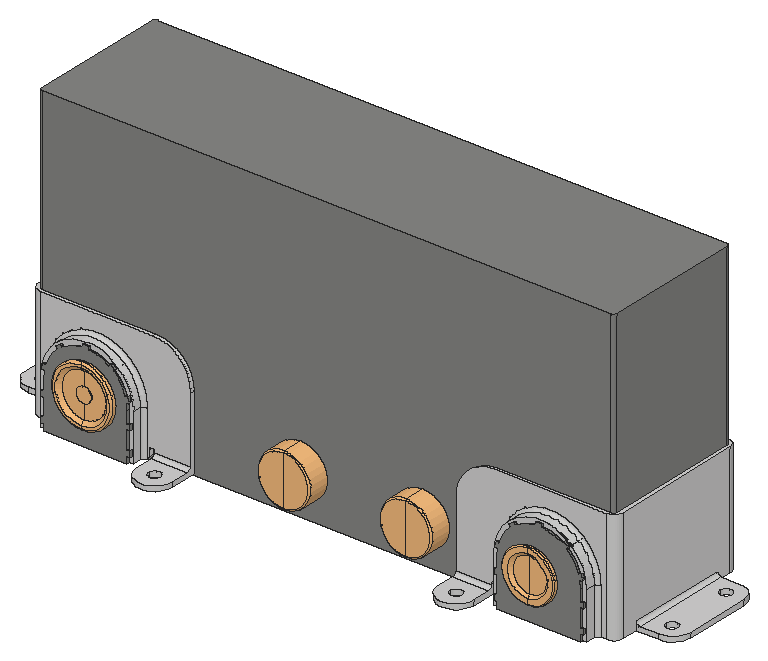
Revit family "Valve-Three_Outlet_Thermostatic-KOHLER-26341W_1", category Plumbing Fixtures, host Face, Revit 2017
Family settings
  Host = Face
  Round Connector Dimension = Use Diameter
  Part Type = Normal
  OmniClass Number = 23.27.31.00
  OmniClass Title = Valves
  Cut with Voids When Loaded = No
  Shared = No
  Room Calculation Point = No
Parameters (values of type "NA-Not Applicable")
  Width = 13 245/256"  # constant formula
  WaterSense Certified = 1 = 0  # no
  Waste Connection = 1 = 0  # no
  Vent Connection = 1 = 0  # no
  Tempered Water Outlet Connector Up 3 [instance] = yes
  Tempered Water Outlet Connector Up 2 [instance] = yes
  Tempered Water Outlet Connector Up1 [instance] = yes
  Tempered Water Outlet 3 = "Tempered Water Outlet 3"  # constant formula
  Tempered Water Outlet 2 = "Tempered Water Outlet 2"  # constant formula
  Tempered Water Outlet 1 = "Tempered Water Outlet 1"  # constant formula
  URL = "https://www.kohler.co.uk/"
  Type = 1
  Product Page URL = ""
  Product Name = ""
  Product Documentation Link = ""
  Pressure = 0.00 psi
  Model = "26341W-NA"  # constant formula
  Material = "Plastic"  # constant formula
  Master Format 2014 Name = "Control Valves"  # constant formula
  Master Format 2014 = "23 09 13.33"  # constant formula
  Manufacturer Address = "Cromwell Road, Cheltenham, Gloucestershire. GL52 5EP Registered in England No. 252115\r\n"  # constant formula
  Manufacturer = "KOHLER Co."  # constant formula
  Length = 6 13/128"  # constant formula
  Hot Water Inlet = "Hot Water Inlet"  # constant formula
  Height = 4 113/128"  # constant formula
  HW Connection = 1 = 1  # yes
  Flow Rate = 1.75 GPM  # constant formula
  Finish = Kohler-Plastic-58-Thunder_Grey
  Environmental Product Declaration = ""
  Description = "Recessed thermostatic valve-3-outlet"  # constant formula
  Default Elevation = 42"
  Declare Label = ""
  Date Modified = "02/10/2021"  # constant formula
  Date Created = "02/10/2021"  # constant formula
  Copyright = "Copyright KOHLER Co."  # constant formula
  Contact Us = "https://www.kohler.co.uk/support/contact/"
  Cold Water Inlet = "Cold Water Inlet"  # constant formula
  CW Connection = 1 = 1  # yes
  Tempered Water Outlet Connector Down 3 [instance] = not(Tempered Water Outlet Connector Up 3)  # no
  Tempered Water Outlet Connector Down 2 [instance] = not(Tempered Water Outlet Connector Up 2)  # no
  Tempered Water Outlet Connector Down 1 [instance] = not(Tempered Water Outlet Connector Up1)  # no
  Assembly Code = "D2020"
  ADA Compliant = 1 = 0  # no
Reference planes (in)
  plane 1 "Center (Front/Back)": y = 0
  plane 2: z = 0
  plane 3 "Center (Left/Right)": x = 0
  plane 4: y = 2.44094
  plane 5: y = -2.44188
  plane 6: y = 1.98819
  plane 7: y = -1.98819
  plane 8: z = 0
  plane 9: z = -5.21654
  plane 10: z = -5.11811
  plane 11: x = -6.97835
  plane 12: x = 6.97868
  plane 13: x = 4.57677
  plane 14: x = 2.01772
  plane 15: x = -4.76867
  plane 16: y = -1.51575
  plane 17: y = 1.51575
  plane 18: x = -0.54134
  plane 19: z = -6.10156
  plane 20: x = -3.15945
  plane 21: x = 3.15944
  plane 22: y = 0.70866
  plane 23: y = -0.70866
  plane 24: x = -6.60433
  plane 25: x = 6.60433
  plane 26: x = -6.13189
  plane 27: x = 6.13189
  plane 28: y = 1.59449
  plane 29: y = -1.59449
Forms (in)
  Extrusion 1, void
    sketch origin (0, 0, 0) x (1, 0, 0) y (0, 1, 0)
      loop
        line (-6.13189, 1.59449) -> (-6.13189, -1.59449) -> (6.13189, -1.59449) -> (6.13189, 1.59449) -> (-6.13189, 1.59449)
    from -6.10236 to 3.05757
  Extrusion 2, void
    sketch origin (0, 0, 0) x (1, 0, 0) y (0, 0, 1)
      loop
        line (-6.97835, -6.25784) -> (6.97835, -6.25784) -> (6.97835, -3.72047) -> (-6.97835, -3.72047) -> (-6.97835, -6.25784)
    from -2.44094 to 2.44094
Dimensions and locks (in)
  locked: plane 17 to plane 16 at 3.0315
  locked: plane 6 to plane 7 at 3.97638
  "Length": level to plane 19
  locked: plane 10 to plane 19 at 0.98345
  locked: plane 9 to plane 19 at 0.88503
  "Width": plane 11 to plane 12
  locked: plane 20 to plane 21 at 6.31889
  locked: plane 22 to plane 23 at 1.41732
  "Height": plane 4 to plane 5
  plane 20 to plane 21 = 6.31889"
  plane 22 to plane 23 = 1.41732"
  aligned and locked: plane 2 to host face
  aligned and locked: level to host face
  aligned and locked: plane 1 "Center (Front/Back)" to nested 1
  aligned and locked: plane 3 "Center (Left/Right)" to nested 1
  aligned and locked: plane 8 to nested 1
  aligned and locked: plane 19 to nested 1
Automatic sketch dimensions
  host sketch curve to host sketch curve = 96"  (x2)
  plane 16 to Extrusion 1 sketch curve = 0.07874"
  Extrusion 1 sketch curve to plane 11 = 0.84646"
  Extrusion 1 sketch curve to plane 12 = 0.8468"
  plane 17 to Extrusion 1 sketch curve = 0.07874"
  plane 11 to Extrusion 2 sketch curve = 0"
  Extrusion 2 sketch curve to plane 12 = 0.00034"
  Extrusion 2 sketch curve to plane 19 = 0.15628"
  plane 19 to Extrusion 2 sketch curve = 2.38109"
Nested families (in)
  nested 1: "26341W" at (0, 0, -6.10236), type "26341W"
Connectors (in)
  piping at (-4.76867, -1.90938, -5.11811), diameter 0.75, driven by "Flow Rate", driven by "HW Connection", driven by "Hot Water Inlet"
    settings: on nested 1, index 1, connector inside diameter 24", connector length 0", flow factor 0, pipe flow 1.75 GPM, pressure drop 0.00 psi, fitting loss kfactor 0, connector angle 0.00°, fixture units 0, engagement length 0", angle of deflection 0.00°, flow configuration 1, flow direction 1, fitting loss method 0, system type 19, joint type 0, gender type 0, connector reference index -1, connector utility 1, adjustable connector no, is connector primary yes, connector description "Hot Water Inlet"
  piping at (-4.76867, 1.90938, -5.11811), diameter 0.75, driven by "Flow Rate", driven by "CW Connection", driven by "Cold Water Inlet"
    settings: on nested 1, index 2, connector inside diameter 24", connector length 0", flow factor 0, pipe flow 1.75 GPM, pressure drop 0.00 psi, fitting loss kfactor 0, connector angle 0.00°, fixture units 0, engagement length 0", angle of deflection 0.00°, flow configuration 1, flow direction 1, fitting loss method 0, system type 20, joint type 0, gender type 0, connector reference index -1, connector utility 1, adjustable connector no, is connector primary no, connector description "Cold Water Inlet"
  piping at (-0.54134, 1.9685, -5.21654), diameter 0.5, driven by "Flow Rate", driven by "HW Connection", driven by "Tempered Water Outlet 1"
    settings: on nested 1, index 3, connector inside diameter 24", connector length 0", flow factor 0, pipe flow 1.75 GPM, pressure drop 0.00 psi, fitting loss kfactor 0, connector angle 0.00°, fixture units 0, engagement length 0", angle of deflection 0.00°, flow configuration 1, flow direction 2, fitting loss method 0, system type 19, joint type 0, gender type 0, connector reference index -1, connector utility 1, adjustable connector no, is connector primary no, connector description "Tempered Water Outlet 1"
  piping at (2.01772, 1.9685, -5.21654), diameter 0.5, driven by "Flow Rate", driven by "HW Connection", driven by "Tempered Water Outlet 2"
    settings: on nested 1, index 4, connector inside diameter 24", connector length 0", flow factor 0, pipe flow 1.75 GPM, pressure drop 0.00 psi, fitting loss kfactor 0, connector angle 0.00°, fixture units 0, engagement length 0", angle of deflection 0.00°, flow configuration 1, flow direction 2, fitting loss method 0, system type 19, joint type 0, gender type 0, connector reference index -1, connector utility 1, adjustable connector no, is connector primary no, connector description "Tempered Water Outlet 2"
  piping at (4.57677, 1.90938, -5.21654), diameter 0.5, driven by "Flow Rate", driven by "HW Connection", driven by "Tempered Water Outlet 3"
    settings: on nested 1, index 5, connector inside diameter 24", connector length 0", flow factor 0, pipe flow 1.75 GPM, pressure drop 0.00 psi, fitting loss kfactor 0, connector angle 0.00°, fixture units 0, engagement length 0", angle of deflection 0.00°, flow configuration 1, flow direction 2, fitting loss method 0, system type 19, joint type 0, gender type 0, connector reference index -1, connector utility 1, adjustable connector no, is connector primary no, connector description "Tempered Water Outlet 3"
Definition of nested family "26341W"
  Parameters (values of type "K-26341")
    Top Connector 3 = no
    Top Connector 2 = no
    Top Connector 1 = no
    Material = none
    Connector1 Angel = if(Top Connector 1, 0.00°, 180.00°)  # 180.00°
    Connector 3 Dist. = if(Top Connector 3, 0", 3.0315")  # 3.0315"
    Connector 3 Angle = if(Top Connector 3, 0.00°, 180.00°)  # 180.00°
    Connector 2 Dist. = if(Top Connector 2, 3.0315", 0")  # 0"
    Connector 2 Angel = if(Top Connector 2, 0.00°, 180.00°)  # 180.00°
    Connector 1 Dist. = if(Top Connector 1, 0", 3.0315")  # 3.0315"
    Bottom Connetor 3 = not(Top Connector 3)  # yes
    Bottom Connector 2 = not(Top Connector 2)  # yes
    Bottom Connector 1 = not(Top Connector 1)  # yes
  Reference planes (in)
    plane 1 "Center (Front/Back)": y = 0
    plane 2: z = 0
    plane 3 "Center (Left/Right)": x = 0
    plane 4: x = -6.97835
    plane 5: y = 2.44094
    plane 6: y = -2.44094
    plane 7: z = 6.10236
    plane 8 "2": x = 4.57677
    plane 9 "1": x = -4.76867
    plane 10: z = 0.98425
    plane 11 "A": z = 0.88583
    plane 12: y = 1.98819
    plane 13: y = -1.98819
    plane 14: x = -3.15945
    plane 15: y = 1.51575
    plane 16: y = -1.51575
    plane 17: x = 3.15944
    plane 18 "3": x = 2.01772
    plane 19: x = 6.97835
    plane 20: x = -0.54134
    plane 21 "c1": y = -1.51575
    plane 22 "C2": y = -1.51575
    plane 23 "c3": y = -1.51575
    plane 24: z = 0
    plane 25: y = 0.70866
    plane 26: y = -0.70866
    plane 27: x = -6.60433
    plane 28: x = 6.60433
    plane 29: y = 1.59449
    plane 30: y = -1.59449
    plane 31: x = -6.13189
    plane 32: x = 6.13189
  Forms (in)
    Extrusion 1, solid, material <- "Material", detail levels medium+fine
      sketch origin (0, 0, 0) x (1, 0, 0) y (0, 1, 0)
        loop
          line (5.95472, 1.51575) -> (-5.95472, 1.51575)
          arc (-5.95472, 1.51575) -> (-6.0104, 1.49269) -> (-6.03346, 1.43701) r 0.07874
          line (-6.03346, 1.43701) -> (-6.03346, -1.43701)
          arc (-6.03346, -1.43701) -> (-6.0104, -1.49269) -> (-5.95472, -1.51575) r 0.07874
          line (-5.95472, -1.51575) -> (5.95472, -1.51575)
          arc (5.95472, -1.51575) -> (6.0104, -1.49269) -> (6.03346, -1.43701) r 0.07874
          line (6.03346, -1.43701) -> (6.03346, 1.43701)
          arc (6.03346, 1.43701) -> (6.0104, 1.49269) -> (5.95472, 1.51575) r 0.07874
      from 0 to 6.10236
    Extrusion 2, solid, detail levels medium+fine
      sketch origin (0, 0, 0) x (1, 0, 0) y (0, 0, 1)
        loop
          line (-3.57283, 2.38189) -> (-6.13189, 2.38189) -> (-6.13189, 0.01969) -> (-3.70276, 0.01969)
          arc (-3.70276, 0.01969) -> (-3.66657, 0.03468) -> (-3.65157, 0.07087) r 0.05118
          line (-3.65157, 0.07087) -> (-3.65157, 0.2165)
          arc (-3.65157, 0.2165) -> (-3.59252, 0.27556) -> (-3.53346, 0.2165) r 0.05906
          line (-3.53346, 0.2165) -> (-3.53346, 0.01969) -> (-2.78543, 0.01969) -> (-2.78543, 1.59449)
          arc (-2.78543, 1.59449) -> (-3.01606, 2.15127) -> (-3.57283, 2.38189) r 0.7874
        loop
          arc (3.57283, 2.38189) -> (3.01606, 2.15127) -> (2.78543, 1.59449) r 0.7874
          line (2.78543, 1.59449) -> (2.78543, 0.01969) -> (3.53346, 0.01969) -> (3.53346, 0.2165)
          arc (3.53346, 0.2165) -> (3.59252, 0.27556) -> (3.65157, 0.2165) r 0.05906
          line (3.65157, 0.2165) -> (3.65157, 0.07087)
          arc (3.65157, 0.07087) -> (3.66657, 0.03468) -> (3.70276, 0.01969) r 0.05118
          line (3.70276, 0.01969) -> (6.13189, 0.01969) -> (6.13189, 2.38189) -> (3.57283, 2.38189)
      from -1.59449 to 1.59449
    Sweep 3, void
      path in 3D
        loop
          line (-6.13189, -1.59449, 2.38189) -> (-6.13189, -1.59449, 0.01969)
      profile origin (-6.13189, -1.59449, 1.20079) x (-1, 0, 0) y (0, -1, 0)
        loop
          line (0, -0.19685) -> (0, 0) -> (-0.19685, 0)
          arc (-0.19685, 0) -> (-0.05766, -0.05766) -> (0, -0.19685) r 0.19685
    Sweep 4, void
      path in 3D
        loop
          line (-6.13189, 1.59449, 2.38189) -> (-6.13189, 1.59449, 0.01969)
      profile origin (-6.13189, 1.59449, 1.20079) x (-1, 0, 0) y (0, -1, 0)
        loop
          arc (0, 0.19685) -> (-0.05766, 0.05766) -> (-0.19685, 0) r 0.19685
          line (-0.19685, 0) -> (0, 0) -> (0, 0.19685)
    Sweep 5, void
      path in 3D
        loop
          line (6.13189, -1.59449, 2.38189) -> (6.13189, -1.59449, 0.01969)
      profile origin (6.13189, -1.59449, 1.20079) x (1, 0, 0) y (0, 1, 0)
        loop
          arc (0, 0.19685) -> (-0.05766, 0.05766) -> (-0.19685, 0) r 0.19685
          line (-0.19685, 0) -> (0, 0) -> (0, 0.19685)
    Sweep 6, void
      path in 3D
        loop
          line (6.13189, 1.59449, 2.38189) -> (6.13189, 1.59449, 0.01969)
      profile origin (6.13189, 1.59449, 1.20079) x (1, 0, 0) y (0, 1, 0)
        loop
          line (0, -0.19685) -> (0, 0) -> (-0.19685, 0)
          arc (-0.19685, 0) -> (-0.05766, -0.05766) -> (0, -0.19685) r 0.19685
    Extrusion 7, solid, detail levels medium+fine
      sketch origin (0, 0, 0) x (1, 0, 0) y (0, 1, 0)
        loop
          line (-6.13189, 1.06299) -> (-6.60433, 1.06299)
          arc (-6.60433, 1.06299) -> (-6.8688, 0.95345) -> (-6.97835, 0.68898) r 0.37402
          line (-6.97835, 0.68898) -> (-6.97835, -0.68898)
          arc (-6.97835, -0.68898) -> (-6.8688, -0.95345) -> (-6.60433, -1.06299) r 0.37402
          line (-6.60433, -1.06299) -> (-6.13189, -1.06299) -> (-6.13189, 1.06299)
        loop
          line (6.13189, 1.06299) -> (6.13189, -1.06299) -> (6.60433, -1.06299)
          arc (6.60433, -1.06299) -> (6.8688, -0.95345) -> (6.97835, -0.68898) r 0.37402
          line (6.97835, -0.68898) -> (6.97835, 0.68898)
          arc (6.97835, 0.68898) -> (6.8688, 0.95345) -> (6.60433, 1.06299) r 0.37402
          line (6.60433, 1.06299) -> (6.13189, 1.06299)
        loop
          circle (-6.60433, 0.70866) r 0.12598
        loop
          circle (-6.60433, -0.70866) r 0.12598
        loop
          circle (6.60433, 0.70866) r 0.12598
        loop
          circle (6.60433, -0.70866) r 0.12598
        loop
          arc (-3.53346, -2.06693) -> (-3.15945, -2.44094) -> (-2.78544, -2.06693) r 0.37401
          line (-2.78544, -2.06693) -> (-2.78544, -1.59449) -> (-3.53346, -1.59449) -> (-3.53346, -2.06693)
        loop
          line (3.53346, -2.06693) -> (3.53346, -1.59449) -> (2.78544, -1.59449) -> (2.78544, -2.06693)
          arc (2.78544, -2.06693) -> (3.15945, -2.44094) -> (3.53346, -2.06693) r 0.37401
        loop
          line (-3.53346, 2.06693) -> (-3.53346, 1.59449) -> (-2.78544, 1.59449) -> (-2.78544, 2.06693)
          arc (-2.78544, 2.06693) -> (-3.15945, 2.44094) -> (-3.53346, 2.06693) r 0.37401
        loop
          arc (3.53346, 2.06693) -> (3.15945, 2.44094) -> (2.78544, 2.06693) r 0.37401
          line (2.78544, 2.06693) -> (2.78544, 1.59449) -> (3.53346, 1.59449) -> (3.53346, 2.06693)
        loop
          circle (-3.15945, -2.06693) r 0.12598
        loop
          circle (3.15945, -2.06693) r 0.12598
        loop
          circle (-3.15945, 2.06693) r 0.12598
        loop
          circle (3.15945, 2.06693) r 0.12598
      from 0.01969 to 0.11811
    Extrusion 8, solid, detail levels medium+fine
      sketch origin (1.27953, 0, 0) x (1, 0, 0) y (0, 0, 1)
        loop
          line (-5.05906, 0.01969) -> (-5.05906, 0.98689)
          arc (-5.05906, 0.98689) -> (-6.03346, 1.9613) -> (-7.00787, 0.98689) r 0.97441
          line (-7.00787, 0.98689) -> (-7.00787, 0.01969) -> (-5.05906, 0.01969)
        loop
          line (2.5, 0.99085) -> (2.5, 0.01969) -> (4.44882, 0.01969) -> (4.44882, 0.99085)
          arc (4.44882, 0.99085) -> (3.47441, 1.96526) -> (2.5, 0.99085) r 0.97441
      from -1.85039 to 1.85039
    Extrusion 9, solid, material <- "Material", detail levels medium+fine
      sketch origin (-1.27953, 0, 0) x (1, 0, 0) y (0, 0, 1)
        loop
          line (-4.35039, 0.62992) -> (-4.35039, 0.25591) -> (-4.40945, 0.25591) -> (-4.40945, 0.1378) -> (-4.35039, 0.1378) -> (-4.35039, 0) -> (-2.59843, 0) -> (-2.59843, 0.1378) -> (-2.53937, 0.1378) -> (-2.53937, 0.25591) -> (-2.59843, 0.25591) -> (-2.59843, 0.62992) -> (-2.53937, 0.62992) -> (-2.53937, 0.74803) -> (-2.59843, 0.74803) -> (-2.59843, 0.98425)
          arc (-2.59843, 0.98425) -> (-2.60185, 1.06162) -> (-2.61209, 1.13839) r 0.87598
          line (-2.61209, 1.13839) -> (-2.55467, 1.15271) -> (-2.58324, 1.26731) -> (-2.64067, 1.25299)
          arc (-2.64067, 1.25299) -> (-2.73975, 1.46135) -> (-2.88979, 1.63661) r 0.87598
          line (-2.88979, 1.63661) -> (-2.85335, 1.68324) -> (-2.94643, 1.75596) -> (-2.98286, 1.70932)
          arc (-2.98286, 1.70932) -> (-3.18922, 1.81251) -> (-3.41535, 1.85824) r 0.87598
          line (-3.41535, 1.85824) -> (-3.41535, 1.91742) -> (-3.53346, 1.91742) -> (-3.53346, 1.85824)
          arc (-3.53346, 1.85824) -> (-3.7596, 1.81251) -> (-3.96596, 1.70932) r 0.87598
          line (-3.96596, 1.70932) -> (-4.00239, 1.75596) -> (-4.09546, 1.68324) -> (-4.05903, 1.63661)
          arc (-4.05903, 1.63661) -> (-4.20907, 1.46135) -> (-4.30815, 1.25299) r 0.87598
          line (-4.30815, 1.25299) -> (-4.36558, 1.26731) -> (-4.39415, 1.15271) -> (-4.33673, 1.13839)
          arc (-4.33673, 1.13839) -> (-4.34697, 1.06162) -> (-4.35039, 0.98425) r 0.87598
          line (-4.35039, 0.98425) -> (-4.35039, 0.74803) -> (-4.40945, 0.74803) -> (-4.40945, 0.62992) -> (-4.35039, 0.62992)
        loop
          line (5.15748, 0.62992) -> (5.15748, 0.25591) -> (5.09843, 0.25591) -> (5.09843, 0.1378) -> (5.15748, 0.1378) -> (5.15748, 0) -> (6.90945, 0) -> (6.90945, 0.1378) -> (6.9685, 0.1378) -> (6.9685, 0.25591) -> (6.90945, 0.25591) -> (6.90945, 0.62992) -> (6.9685, 0.62992) -> (6.9685, 0.74803) -> (6.90945, 0.74803) -> (6.90945, 0.98425)
          arc (6.90945, 0.98425) -> (6.90603, 1.06162) -> (6.89578, 1.13839) r 0.87598
          line (6.89578, 1.13839) -> (6.9532, 1.15271) -> (6.92463, 1.26731) -> (6.86721, 1.25299)
          arc (6.86721, 1.25299) -> (6.76813, 1.46135) -> (6.61808, 1.63661) r 0.87598
          line (6.61808, 1.63661) -> (6.65452, 1.68324) -> (6.56145, 1.75596) -> (6.52501, 1.70932)
          arc (6.52501, 1.70932) -> (6.31866, 1.81251) -> (6.09252, 1.85824) r 0.87598
          line (6.09252, 1.85824) -> (6.09252, 1.91742) -> (5.97441, 1.91742) -> (5.97441, 1.85824)
          arc (5.97441, 1.85824) -> (5.74827, 1.81251) -> (5.54192, 1.70932) r 0.87598
          line (5.54192, 1.70932) -> (5.50548, 1.75596) -> (5.41241, 1.68324) -> (5.44885, 1.63661)
          arc (5.44885, 1.63661) -> (5.2988, 1.46135) -> (5.19972, 1.25299) r 0.87598
          line (5.19972, 1.25299) -> (5.1423, 1.26731) -> (5.11372, 1.15271) -> (5.17115, 1.13839)
          arc (5.17115, 1.13839) -> (5.1609, 1.06162) -> (5.15748, 0.98425) r 0.87598
          line (5.15748, 0.98425) -> (5.15748, 0.74803) -> (5.09843, 0.74803) -> (5.09843, 0.62992) -> (5.15748, 0.62992)
        loop
          circle (-3.48914, 0.98425) r 0.54335
        loop
          circle (5.8563, 0.88583) r 0.41841
      from -1.92913 to 1.88976
    Revolve 10, solid, detail levels medium+fine
      sketch origin (-4.76867, 0, 0) x (0, 0, 1) y (0, -1, 0)
        loop
          line (1.5276, -1.98819) -> (1.58464, -1.98819) -> (1.62406, -1.94877) -> (1.62406, -1.51575) -> (0.98425, -1.51575) -> (0.98425, -1.90938) -> (1.44879, -1.90938) -> (1.5276, -1.98819)
        loop
          line (1.5276, 1.98819) -> (1.44879, 1.90938) -> (0.98425, 1.90938) -> (0.98425, 1.51575) -> (1.62406, 1.51575) -> (1.62406, 1.94877) -> (1.58464, 1.98819) -> (1.5276, 1.98819)
        axis (0.98425, -1.98819) -> (0.98425, 1.98819)
      angle from 0 to 360
    Revolve 11, solid, detail levels medium+fine
      sketch origin (4.57677, 0, 0) x (0, 0, -1) y (0, -1, 0)
        loop
          line (-1.43701, 1.94331) -> (-1.43701, 1.61417) -> (-0.88583, 1.61417) -> (-0.88583, 1.90938) -> (-1.24512, 1.90938) -> (-1.30424, 1.9685) -> (-1.41732, 1.9685) -> (-1.43701, 1.94331)
        loop
          line (-1.43701, -1.94331) -> (-1.41732, -1.9685) -> (-1.30424, -1.9685) -> (-1.24512, -1.90938) -> (-0.88583, -1.90938) -> (-0.88583, -1.61417) -> (-1.43701, -1.61417) -> (-1.43701, -1.94331)
        axis (-0.88583, 1.9685) -> (-0.88583, -1.9685)
      angle from 0 to 360
    Sweep 12, solid, detail levels medium+fine
      path in 3D
        loop
          line (3.77953, 1.59449, 0.01969) -> (3.77953, 1.59449, 0.99085)
          arc (3.77953, 1.59449, 0.99085) -> (4.75394, 1.59449, 1.96526) -> (5.72835, 1.59449, 0.99085) r 0.97441
          line (5.72835, 1.59449, 0.99085) -> (5.72835, 1.59449, 0.01969)
      profile origin (3.77953, 1.59449, 0.50527) x (0, 1, 0) y (-1, 0, 0)
        loop
          arc (0.07874, 0) -> (0.02306, 0.02306) -> (0, 0.07874) r 0.07874
          line (0, 0.07874) -> (0, 0) -> (0.07874, 0)
    Sweep 13, solid, detail levels medium+fine
      path in 3D
        loop
          line (-5.72835, -1.59449, 0.01969) -> (-5.72835, -1.59449, 0.99085)
          arc (-5.72835, -1.59449, 0.99085) -> (-4.75394, -1.59449, 1.96526) -> (-3.77953, -1.59449, 0.99085) r 0.97441
          line (-3.77953, -1.59449, 0.99085) -> (-3.77953, -1.59449, 0.01969)
      profile origin (-5.72835, -1.59449, 0.50527) x (0, 1, 0) y (-1, 0, 0)
        loop
          line (-0.07874, 0) -> (0, 0) -> (0, 0.07874)
          arc (0, 0.07874) -> (-0.02306, 0.02306) -> (-0.07874, 0) r 0.07874
    Sweep 14, solid, detail levels medium+fine
      path in 3D
        loop
          line (-5.72835, 1.59449, 0.01969) -> (-5.72835, 1.59449, 0.99085)
          arc (-5.72835, 1.59449, 0.99085) -> (-4.75394, 1.59449, 1.96526) -> (-3.77953, 1.59449, 0.99085) r 0.97441
          line (-3.77953, 1.59449, 0.99085) -> (-3.77953, 1.59449, 0.01969)
      profile origin (-5.72835, 1.59449, 0.50527) x (0, 1, 0) y (-1, 0, 0)
        loop
          arc (0.07874, 0) -> (0.02306, 0.02306) -> (0, 0.07874) r 0.07874
          line (0, 0.07874) -> (0, 0) -> (0.07874, 0)
    Extrusion 15, solid, detail levels medium+fine
      sketch origin (0, 0, 0) x (0, 1, 0) y (0, 0, 1)
        loop
          line (-1.67323, 0.11811) -> (-1.59449, 0.11811) -> (-1.59449, 0.19685)
          arc (-1.59449, 0.19685) -> (-1.61755, 0.14117) -> (-1.67323, 0.11811) r 0.07874
        loop
          arc (1.67323, 0.11811) -> (1.61755, 0.14117) -> (1.59449, 0.19685) r 0.07874
          line (1.59449, 0.19685) -> (1.59449, 0.11811) -> (1.67323, 0.11811)
      from 2.78543 to 3.53346
    Extrusion 16, solid, detail levels medium+fine
      sketch origin (0, 0, 0) x (0, 1, 0) y (0, 0, 1)
        loop
          line (-1.67323, 0.11811) -> (-1.59449, 0.11811) -> (-1.59449, 0.19685)
          arc (-1.59449, 0.19685) -> (-1.61755, 0.14117) -> (-1.67323, 0.11811) r 0.07874
        loop
          arc (1.67323, 0.11811) -> (1.61755, 0.14117) -> (1.59449, 0.19685) r 0.07874
          line (1.59449, 0.19685) -> (1.59449, 0.11811) -> (1.67323, 0.11811)
      from -3.53346 to -2.78543
    Extrusion 17, solid, material <- "Material", detail levels coarse
      sketch origin (0, 0, 0) x (1, 0, 0) y (0, 1, 0)
        loop
          line (6.03346, 1.51575) -> (-6.03346, 1.51575) -> (-6.03346, -1.51575) -> (6.03346, -1.51575) -> (6.03346, 1.51575)
      from 0 to 6.10236
    Extrusion 18, solid, material <- "Material", detail levels coarse
      sketch origin (-1.27953, 0, 0) x (1, 0, 0) y (0, 0, 1)
        loop
          line (-2.59843, 0) -> (-2.59843, 0.9897)
          arc (-2.59843, 0.9897) -> (-3.47441, 1.86569) -> (-4.35039, 0.9897) r 0.87598
          line (-4.35039, 0.9897) -> (-4.35039, 0) -> (-2.59843, 0)
        loop
          line (6.90945, 0) -> (6.90945, 0.9897)
          arc (6.90945, 0.9897) -> (6.03346, 1.86569) -> (5.15748, 0.9897) r 0.87598
          line (5.15748, 0.9897) -> (5.15748, 0) -> (6.90945, 0)
      from -1.92913 to 1.88976
    Extrusion 19, solid, detail levels coarse
      sketch origin (0, 0, 0) x (1, 0, 0) y (0, 1, 0)
        loop
          line (6.13189, 1.59449) -> (2.78543, 1.59449) -> (2.78543, 1.51575) -> (6.03346, 1.51575) -> (6.03346, -1.51575) -> (2.78543, -1.51575) -> (2.78543, -1.59449) -> (6.13189, -1.59449) -> (6.13189, 1.59449)
        loop
          line (-6.13189, 1.59449) -> (-6.13189, -1.59449) -> (-2.78543, -1.59449) -> (-2.78543, -1.51575) -> (-6.03346, -1.51575) -> (-6.03346, 1.51575) -> (-2.78543, 1.51575) -> (-2.78543, 1.59449) -> (-6.13189, 1.59449)
      from 0 to 2.38189
    Extrusion 20, solid, detail levels coarse
      sketch origin (0, 0, 0) x (1, 0, 0) y (0, 1, 0)
        loop
          line (-6.97835, -1.06299) -> (-6.13189, -1.06299) -> (-6.13189, 1.06299) -> (-6.97835, 1.06299) -> (-6.97835, -1.06299)
        loop
          line (-3.53346, 1.59449) -> (-2.78542, 1.59449) -> (-2.78542, 2.44094) -> (-3.53346, 2.44094) -> (-3.53346, 1.59449)
        loop
          line (2.78544, 1.59449) -> (3.53346, 1.59449) -> (3.53346, 2.44094) -> (2.78544, 2.44094) -> (2.78544, 1.59449)
        loop
          line (-3.53346, -1.59449) -> (-3.53346, -2.44094) -> (-2.78542, -2.44094) -> (-2.78542, -1.59449) -> (-3.53346, -1.59449)
        loop
          line (2.78544, -1.59449) -> (2.78544, -2.44094) -> (3.53346, -2.44094) -> (3.53346, -1.59449) -> (2.78544, -1.59449)
        loop
          line (6.97835, -1.06299) -> (6.97835, 1.06299) -> (6.13189, 1.06299) -> (6.13189, -1.06299) -> (6.97835, -1.06299)
        loop
          circle (-6.60433, 0.70866) r 0.12598
        loop
          circle (-6.60433, -0.70866) r 0.12598
        loop
          circle (-3.15944, 2.06693) r 0.12598
        loop
          circle (3.15946, 2.06693) r 0.12598
        loop
          circle (6.60433, 0.70866) r 0.12598
        loop
          circle (6.60433, -0.70866) r 0.12598
        loop
          circle (-3.15944, -2.06693) r 0.12598
        loop
          circle (3.15946, -2.06693) r 0.12598
      from 0.01969 to 0.11811
    Extrusion 21, solid, detail levels medium+fine
      sketch origin (-1.27953, 0, 0) x (1, 0, 0) y (0, 0, 1)
        loop
          circle (-3.48914, 0.98425) r 0.15748
      from -1.90938 to 1.90938
    Extrusion 22, solid, detail levels coarse
      sketch origin (1.27953, 0, 0) x (1, 0, 0) y (0, 0, 1)
        loop
          circle (-6.0482, 0.98425) r 0.63981
        loop
          circle (3.29724, 0.88583) r 0.55118
      from -1.98819 to 1.98819
    Extrusion 23, solid, detail levels medium+fine
      sketch origin (0, 0, 0) x (1, 0, 0) y (0, 0, 1)
        loop
          line (-6.13189, 0.11811) -> (-6.13189, 0.19685)
          arc (-6.13189, 0.19685) -> (-6.15495, 0.14117) -> (-6.21063, 0.11811) r 0.07874
          line (-6.21063, 0.11811) -> (-6.13189, 0.11811)
        loop
          line (6.13189, 0.11811) -> (6.21063, 0.11811)
          arc (6.21063, 0.11811) -> (6.15495, 0.14117) -> (6.13189, 0.19685) r 0.07874
          line (6.13189, 0.19685) -> (6.13189, 0.11811)
      from -1.06299 to 1.06299
    Revolve 24, solid, detail levels medium+fine
      sketch origin (2.01772, 0, 0) x (0, 0, -1) y (0, -1, 0)
        loop
          line (-0.88583, 1.9685) -> (-1.40868, 1.9685) -> (-1.43701, 1.94018) -> (-1.43701, 1.51575) -> (-0.88583, 1.51575) -> (-0.88583, 1.9685)
        loop
          line (-0.88583, -1.9685) -> (-0.88583, -1.51575) -> (-1.43701, -1.51575) -> (-1.43701, -1.94018) -> (-1.40868, -1.9685) -> (-0.88583, -1.9685)
        axis (-0.88583, 1.9685) -> (-0.88583, -1.9685)
      angle from 0 to 360
    Sweep 25, solid, detail levels medium+fine
      path in 3D
        loop
          line (3.77953, -1.59449, 0.01969) -> (3.77953, -1.59449, 0.99085)
          arc (3.77953, -1.59449, 0.99085) -> (4.75394, -1.59449, 1.96526) -> (5.72835, -1.59449, 0.99085) r 0.97441
          line (5.72835, -1.59449, 0.99085) -> (5.72835, -1.59449, 0.01969)
      profile origin (3.77953, -1.59449, 0.50527) x (0, 1, 0) y (-1, 0, 0)
        loop
          line (-0.07874, 0) -> (0, 0) -> (0, 0.07874)
          arc (0, 0.07874) -> (-0.02306, 0.02306) -> (-0.07874, 0) r 0.07874
    Extrusion 26, solid, detail levels coarse
      sketch origin (0, 0, 0) x (1, 0, 0) y (0, 0, 1)
        loop
          circle (2.01772, 0.88583) r 0.55118
        loop
          circle (-0.54134, 0.88583) r 0.55118
      from -1.9685 to 1.9685
    Revolve 27, solid, detail levels medium+fine
      sketch origin (-0.54134, 0, 0) x (0, 0, -1) y (0, -1, 0)
        loop
          line (-0.88583, 1.9685) -> (-1.40868, 1.9685) -> (-1.43701, 1.94018) -> (-1.43701, 1.51575) -> (-0.88583, 1.51575) -> (-0.88583, 1.9685)
        loop
          line (-0.88583, -1.9685) -> (-0.88583, -1.51575) -> (-1.43701, -1.51575) -> (-1.43701, -1.94018) -> (-1.40868, -1.9685) -> (-0.88583, -1.9685)
        axis (-0.88583, 1.9685) -> (-0.88583, -1.9685)
      angle from 0 to 360
    Revolve 28, solid, detail levels medium+fine
      sketch origin (-0.54134, -2.69685, 0.88583) x (0, 1, 0) y (-1, 0, 0)
        loop
          line (0.72835, 0) -> (0.72835, -0.15748) -> (0.98013, -0.15748) -> (0.98013, 0) -> (0.72835, 0)
        axis (0.72835, 0) -> (0.98013, 0)
      angle from 0 to 360
    Revolve 29, solid, detail levels medium+fine
      sketch origin (2.01772, -2.8937, 0.88583) x (0, 1, 0) y (-1, 0, 0)
        loop
          line (0.9252, 0) -> (1.29589, 0) -> (1.29589, 0.15748) -> (0.9252, 0.15748) -> (0.9252, 0)
        axis (0.9252, 0) -> (1.29589, 0)
      angle from 0 to 360
    Revolve 30, solid, detail levels medium+fine
      sketch origin (4.57677, -2.15014, 0.88583) x (0, 1, 0) y (-1, 0, 0)
        loop
          line (0.24076, 0) -> (0.63446, 0) -> (0.63446, 0.15748) -> (0.24076, 0.15748) -> (0.24076, 0)
        axis (0.24076, 0) -> (0.63446, 0)
      angle from 0 to 360
  Cuts and joins
    joined: Extrusion 1, Extrusion 9
    joined: Revolve 10, Revolve 11, Revolve 24
    joined: Sweep 12, Sweep 13, Sweep 14
    Sweep 3, Sweep 4, Sweep 5, Sweep 6 cuts Extrusion 2
    joined: Extrusion 2, Extrusion 7, Extrusion 8, Extrusion 15, Extrusion 16, Extrusion 23
    joined: Extrusion 17, Extrusion 18
    joined: Extrusion 19, Extrusion 20
    joined: Extrusion 22, Extrusion 26
  Lines and regions (in)
    Masking region 1
      outline origin (0, 0, 0) x (1, 0, 0) y (0, 1, 0)
        loop
          line (-6.13189, 1.39764) -> (-6.13189, 0.16732) -> (-6.13189, -1.39764)
          arc (-6.13189, -1.39764) -> (-6.07423, -1.53683) -> (-5.93504, -1.59449) r 0.19685
          line (-5.93504, -1.59449) -> (0, -1.59449) -> (5.93504, -1.59449)
          arc (5.93504, -1.59449) -> (6.07423, -1.53683) -> (6.13189, -1.39764) r 0.19685
          line (6.13189, -1.39764) -> (6.13189, 0.09836) -> (6.13189, 1.39764)
          arc (6.13189, 1.39764) -> (6.07423, 1.53683) -> (5.93504, 1.59449) r 0.19685
          line (5.93504, 1.59449) -> (0, 1.59449) -> (-5.93504, 1.59449)
          arc (-5.93504, 1.59449) -> (-6.07423, 1.53683) -> (-6.13189, 1.39764) r 0.19685
    Masking region 2, detail levels medium+fine
      outline origin (0, 0, 0) x (1, 0, 0) y (0, 0, 1)
        loop
          line (-6.03346, 6.10236) -> (-6.03346, 2.38189) -> (-6.13189, 2.38189) -> (-6.13189, 0.19685)
          arc (-6.13189, 0.19685) -> (-6.15495, 0.14117) -> (-6.21063, 0.11811) r 0.07874
          line (-6.21063, 0.11811) -> (-6.97835, 0.11811) -> (-6.97835, 0.01969) -> (-6.05959, 0.01969) -> (-6.03346, 0) -> (6.03346, 0) -> (6.05959, 0.01969) -> (6.97835, 0.01969) -> (6.97835, 0.11811) -> (6.21063, 0.11811)
          arc (6.21063, 0.11811) -> (6.15495, 0.14117) -> (6.13189, 0.19685) r 0.07874
          line (6.13189, 0.19685) -> (6.13189, 2.38189) -> (6.03346, 2.38189) -> (6.03346, 6.10236) -> (-6.03346, 6.10236)
    Masking region 3
      outline origin (4.57677, 0, 0) x (0, 0, -1) y (0, -1, 0)
        loop
          line (-6.10236, -1.51575) -> (-2.38189, -1.51575) -> (-2.38189, -1.59449) -> (-2.044, -1.59449)
          arc (-2.044, -1.59449) -> (-1.98832, -1.61755) -> (-1.96526, -1.67323) r 0.07874
          line (-1.96526, -1.67323) -> (-1.96526, -1.85039) -> (-1.91742, -1.85039) -> (-1.91742, -1.92913) -> (-1.64369, -1.92913) -> (-1.58464, -1.98819) -> (-0.38387, -1.98819) -> (-0.35433, -1.9685) -> (-0.32357, -1.92913) -> (-0.11811, -1.92913) -> (-0.11811, -2.44094) -> (-0.01969, -2.44094) -> (-0.01969, -1.95526) -> (0, -1.92913) -> (0, 1.92913) -> (-0.01969, 1.95526) -> (-0.01969, 2.44094) -> (-0.11811, 2.44094) -> (-0.11811, 1.88976) -> (-0.33465, 1.88976) -> (-0.33465, 1.94331) -> (-0.38387, 1.98819) -> (-1.58464, 1.98819) -> (-1.62406, 1.94877) -> (-1.62406, 1.88976) -> (-1.91742, 1.88976) -> (-1.91742, 1.85039) -> (-1.96526, 1.85039) -> (-1.96526, 1.67323)
          arc (-1.96526, 1.67323) -> (-1.98832, 1.61755) -> (-2.044, 1.59449) r 0.07874
          line (-2.044, 1.59449) -> (-2.38189, 1.59449) -> (-2.38189, 1.51575) -> (-6.10236, 1.51575) -> (-6.10236, -1.51575)
    sketch lines
      curve 1: line (-6.13189, -1.59449, 2.38189) -> (-6.13189, -1.59449, 0.01969)
      curve 2: line (-6.13189, 1.59449, 2.38189) -> (-6.13189, 1.59449, 0.01969)
      curve 3: line (6.13189, -1.59449, 2.38189) -> (6.13189, -1.59449, 0.01969)
      curve 4: line (6.13189, 1.59449, 2.38189) -> (6.13189, 1.59449, 0.01969)
      curve 5: line (3.77953, 1.59449, 0.01969) -> (3.77953, 1.59449, 0.99085)
      curve 6: arc (5.72835, 1.59449, 0.99085) -> (4.75394, 1.59449, 1.96526) -> (3.77953, 1.59449, 0.99085) r 0.97441
      curve 7: line (5.72835, 1.59449, 0.99085) -> (5.72835, 1.59449, 0.01969)
      curve 8: line (-5.72835, -1.59449, 0.01969) -> (-5.72835, -1.59449, 0.99085)
      curve 9: arc (-3.77953, -1.59449, 0.99085) -> (-4.75394, -1.59449, 1.96526) -> (-5.72835, -1.59449, 0.99085) r 0.97441
      curve 10: line (-3.77953, -1.59449, 0.99085) -> (-3.77953, -1.59449, 0.01969)
      curve 11: line (-5.72835, 1.59449, 0.01969) -> (-5.72835, 1.59449, 0.99085)
      curve 12: arc (-3.77953, 1.59449, 0.99085) -> (-4.75394, 1.59449, 1.96526) -> (-5.72835, 1.59449, 0.99085) r 0.97441
      curve 13: line (-3.77953, 1.59449, 0.99085) -> (-3.77953, 1.59449, 0.01969)
      curve 201: line (3.77953, -1.59449, 0.01969) -> (3.77953, -1.59449, 0.99085)
      curve 202: arc (5.72835, -1.59449, 0.99085) -> (4.75394, -1.59449, 1.96526) -> (3.77953, -1.59449, 0.99085) r 0.97441
      curve 203: line (5.72835, -1.59449, 0.99085) -> (5.72835, -1.59449, 0.01969)
    symbolic lines, detail levels medium+fine
      curve 14: line (5.95472, 1.51575, 0) -> (-5.95472, 1.51575, 0)
      curve 15: arc (-5.95472, 1.51575, 0) -> (-6.0104, 1.49269, 0) -> (-6.03346, 1.43701, 0) r 0.07874
      curve 16: line (-6.03346, 1.43701, 0) -> (-6.03346, -1.43701, 0)
      curve 17: line (-5.95472, -1.51575, 0) -> (5.95472, -1.51575, 0)
      curve 18: arc (-6.03346, -1.43701, 0) -> (-6.0104, -1.49269, 0) -> (-5.95472, -1.51575, 0) r 0.07874
      curve 19: line (6.03346, -1.43701, 0) -> (6.03346, 1.43701, 0)
      curve 20: arc (6.03346, 1.43701, 0) -> (6.0104, 1.49269, 0) -> (5.95472, 1.51575, 0) r 0.07874
      curve 21: line (-3.57283, 0, 2.38189) -> (-6.13189, 0, 2.38189)
      curve 22: arc (-2.78543, 0, 1.59449) -> (-3.01606, 0, 2.15127) -> (-3.57283, 0, 2.38189) r 0.7874
      curve 23: line (-2.78543, 0, 0.01969) -> (-2.78543, 0, 1.59449)
      curve 24: arc (-3.65157, 0, 0.2165) -> (-3.59252, 0, 0.27556) -> (-3.53346, 0, 0.2165) r 0.05906
      curve 25: line (-3.53346, 0, 0.2165) -> (-3.53346, 0, 0.01969)
      curve 26: line (-3.65157, 0, 0.07087) -> (-3.65157, 0, 0.2165)
      curve 27: arc (-3.70276, 0, 0.01969) -> (-3.66657, 0, 0.03468) -> (-3.65157, 0, 0.07087) r 0.05118
      curve 28: line (-3.53346, 0, 0.01969) -> (-2.78543, 0, 0.01969)
      curve 29: line (-2.78543, 0, 0.11811) -> (-3.53346, 0, 0.11811)
      curve 30: line (-3.70276, 0, 0.01969) -> (-3.87795, 0, 0.01969)
      curve 31: line (-5.62992, 0, 0.01969) -> (-6.45504, 0, 0.01969)
      curve 32: arc (-4.76867, 0, 0.51971) -> (-5.23321, 0, 0.98425) -> (-4.76867, 0, 1.44879) r 0.46454
      curve 33: arc (-4.76867, 0, 0.4409) -> (-5.31202, 0, 0.98425) -> (-4.76867, 0, 1.5276) r 0.54335
      curve 34: arc (-4.76867, 0, 1.58464) -> (-5.36905, 0, 0.98425) -> (-4.76867, 0, 0.38387) r 0.60038
      curve 35: arc (-4.76867, 0, 1.62406) -> (-5.40848, 0, 0.98425) -> (-4.76867, 0, 0.34445) r 0.63981
      curve 36: arc (-4.76867, 0, 0.34445) -> (-4.12886, 0, 0.98425) -> (-4.76867, 0, 1.62406) r 0.63981
      curve 37: arc (-4.76867, 0, 0.38387) -> (-4.16829, 0, 0.98425) -> (-4.76867, 0, 1.58464) r 0.60038
      curve 38: arc (-4.76867, 0, 1.5276) -> (-4.22532, 0, 0.98425) -> (-4.76867, 0, 0.4409) r 0.54335
      curve 39: arc (-4.76867, 0, 1.44879) -> (-4.30413, 0, 0.98425) -> (-4.76867, 0, 0.51971) r 0.46454
      curve 40: line (-5.62992, 0, 0.1378) -> (-5.62992, 0, 0)
      curve 41: line (-5.68898, 0, 0.1378) -> (-5.62992, 0, 0.1378)
      curve 42: line (-5.68898, 0, 0.25591) -> (-5.68898, 0, 0.1378)
      curve 43: line (-5.62992, 0, 0.25591) -> (-5.68898, 0, 0.25591)
      curve 44: line (-5.62992, 0, 0.62992) -> (-5.62992, 0, 0.25591)
      curve 45: line (-5.68898, 0, 0.62992) -> (-5.62992, 0, 0.62992)
      curve 46: line (-5.68898, 0, 0.74803) -> (-5.68898, 0, 0.62992)
      curve 47: line (-5.62992, 0, 0.74803) -> (-5.68898, 0, 0.74803)
      curve 48: line (-5.62992, 0, 0.98425) -> (-5.62992, 0, 0.74803)
      curve 49: arc (-5.61625, 0, 1.13839) -> (-5.6265, 0, 1.06162) -> (-5.62992, 0, 0.98425) r 0.87598
      curve 50: line (-5.6451, 0, 1.26731) -> (-5.67368, 0, 1.15271)
      curve 51: line (-5.58768, 0, 1.25299) -> (-5.6451, 0, 1.26731)
      curve 52: line (-5.67368, 0, 1.15271) -> (-5.61625, 0, 1.13839)
      curve 53: arc (-5.33856, 0, 1.63661) -> (-5.4886, 0, 1.46135) -> (-5.58768, 0, 1.25299) r 0.87598
      curve 54: line (-5.37499, 0, 1.68324) -> (-5.33856, 0, 1.63661)
      curve 55: line (-5.28192, 0, 1.75596) -> (-5.37499, 0, 1.68324)
      curve 56: line (-5.24548, 0, 1.70932) -> (-5.28192, 0, 1.75596)
      curve 57: arc (-4.81299, 0, 1.85824) -> (-5.03913, 0, 1.81251) -> (-5.24548, 0, 1.70932) r 0.87598
      curve 58: line (-4.81299, 0, 1.91742) -> (-4.81299, 0, 1.85824)
      curve 59: line (-4.69488, 0, 1.91742) -> (-4.81299, 0, 1.91742)
      curve 60: line (-4.69488, 0, 1.85824) -> (-4.69488, 0, 1.91742)
      curve 61: arc (-4.26239, 0, 1.70932) -> (-4.46874, 0, 1.81251) -> (-4.69488, 0, 1.85824) r 0.87598
      curve 62: line (-4.13288, 0, 1.68324) -> (-4.22595, 0, 1.75596)
      curve 63: line (-4.22595, 0, 1.75596) -> (-4.26239, 0, 1.70932)
      curve 64: line (-4.16932, 0, 1.63661) -> (-4.13288, 0, 1.68324)
      curve 65: arc (-3.92019, 0, 1.25299) -> (-4.01927, 0, 1.46135) -> (-4.16932, 0, 1.63661) r 0.87598
      curve 66: line (-3.89162, 0, 1.13839) -> (-3.8342, 0, 1.15271)
      curve 67: line (-3.8342, 0, 1.15271) -> (-3.86277, 0, 1.26731)
      curve 68: line (-3.86277, 0, 1.26731) -> (-3.92019, 0, 1.25299)
      curve 69: arc (-3.87795, 0, 0.98425) -> (-3.88138, 0, 1.06162) -> (-3.89162, 0, 1.13839) r 0.87598
      curve 70: line (-5.72835, 0, 0.98689) -> (-5.72835, 0, 0.01969)
      curve 71: line (-5.80709, 0, 0.99085) -> (-5.80709, 0, 0.01969)
      curve 72: arc (-5.80709, 0, 0.99085) -> (-4.75394, 0, 2.044) -> (-3.70079, 0, 0.99085) r 1.05315
      curve 73: arc (-3.77953, 0, 0.98689) -> (-4.75394, 0, 1.9613) -> (-5.72835, 0, 0.98689) r 0.97441
      curve 74: line (-6.13189, 0, 2.38189) -> (-6.13189, 0, 0.01969)
      curve 75: line (-3.87795, 0, 0.1378) -> (-3.87795, 0, 0)
      curve 76: line (-3.8189, 0, 0.1378) -> (-3.87795, 0, 0.1378)
      curve 77: line (-3.8189, 0, 0.25591) -> (-3.8189, 0, 0.1378)
      curve 78: line (-3.87795, 0, 0.25591) -> (-3.8189, 0, 0.25591)
      curve 79: line (-3.87795, 0, 0.62992) -> (-3.87795, 0, 0.25591)
      curve 80: line (-3.8189, 0, 0.62992) -> (-3.87795, 0, 0.62992)
      curve 81: line (-3.8189, 0, 0.74803) -> (-3.8189, 0, 0.62992)
      curve 82: line (-3.87795, 0, 0.74803) -> (-3.8189, 0, 0.74803)
      curve 83: line (-3.87795, 0, 0.98425) -> (-3.87795, 0, 0.74803)
      curve 84: line (-3.77953, 0, 0.98689) -> (-3.77953, 0, 0.01969)
      curve 85: line (-3.70079, 0, 0.99085) -> (-3.70079, 0, 0.01972)
      curve 86: line (3.57283, 0, 2.38189) -> (6.13189, 0, 2.38189)
      curve 87: arc (2.78543, 0, 1.59449) -> (3.01606, 0, 2.15127) -> (3.57283, 0, 2.38189) r 0.7874
      curve 88: line (2.78543, 0, 0.01969) -> (2.78543, 0, 1.59449)
      curve 89: arc (3.65157, 0, 0.2165) -> (3.59252, 0, 0.27556) -> (3.53346, 0, 0.2165) r 0.05906
      curve 90: line (3.53346, 0, 0.2165) -> (3.53346, 0, 0.01969)
      curve 91: line (3.65157, 0, 0.07087) -> (3.65157, 0, 0.2165)
      curve 92: arc (3.70276, 0, 0.01969) -> (3.66657, 0, 0.03468) -> (3.65157, 0, 0.07087) r 0.05118
      curve 93: line (3.53346, 0, 0.01969) -> (2.78543, 0, 0.01969)
      curve 94: line (2.78543, 0, 0.11811) -> (3.53346, 0, 0.11811)
      curve 95: line (3.70276, 0, 0.01969) -> (3.87795, 0, 0.01969)
      curve 96: line (5.62992, 0, 0.01969) -> (6.45504, 0, 0.01969)
      curve 97: line (5.62992, 0, 0.1378) -> (5.62992, 0, 0)
      curve 98: line (5.68898, 0, 0.1378) -> (5.62992, 0, 0.1378)
      curve 99: line (5.68898, 0, 0.25591) -> (5.68898, 0, 0.1378)
      curve 100: line (5.62992, 0, 0.25591) -> (5.68898, 0, 0.25591)
      curve 101: line (5.62992, 0, 0.62992) -> (5.62992, 0, 0.25591)
      curve 102: line (5.68898, 0, 0.62992) -> (5.62992, 0, 0.62992)
      curve 103: line (5.68898, 0, 0.74803) -> (5.68898, 0, 0.62992)
      curve 104: line (5.62992, 0, 0.74803) -> (5.68898, 0, 0.74803)
      curve 105: line (5.62992, 0, 0.98425) -> (5.62992, 0, 0.74803)
      curve 106: arc (5.61625, 0, 1.13839) -> (5.6265, 0, 1.06162) -> (5.62992, 0, 0.98425) r 0.87598
      curve 107: line (5.6451, 0, 1.26731) -> (5.67368, 0, 1.15271)
      curve 108: line (5.58768, 0, 1.25299) -> (5.6451, 0, 1.26731)
      curve 109: line (5.67368, 0, 1.15271) -> (5.61625, 0, 1.13839)
      curve 110: arc (5.33856, 0, 1.63661) -> (5.4886, 0, 1.46135) -> (5.58768, 0, 1.25299) r 0.87598
      curve 111: line (5.37499, 0, 1.68324) -> (5.33856, 0, 1.63661)
      curve 112: line (5.28192, 0, 1.75596) -> (5.37499, 0, 1.68324)
      curve 113: line (5.24548, 0, 1.70932) -> (5.28192, 0, 1.75596)
      curve 114: arc (4.81299, 0, 1.85824) -> (5.03913, 0, 1.81251) -> (5.24548, 0, 1.70932) r 0.87598
      curve 115: line (4.81299, 0, 1.91742) -> (4.81299, 0, 1.85824)
      curve 116: line (4.69488, 0, 1.91742) -> (4.81299, 0, 1.91742)
      curve 117: line (4.69488, 0, 1.85824) -> (4.69488, 0, 1.91742)
      curve 118: arc (4.26239, 0, 1.70932) -> (4.46874, 0, 1.81251) -> (4.69488, 0, 1.85824) r 0.87598
      curve 119: line (4.13288, 0, 1.68324) -> (4.22595, 0, 1.75596)
      curve 120: line (4.22595, 0, 1.75596) -> (4.26239, 0, 1.70932)
      curve 121: line (4.16932, 0, 1.63661) -> (4.13288, 0, 1.68324)
      curve 122: arc (3.92019, 0, 1.25299) -> (4.01927, 0, 1.46135) -> (4.16932, 0, 1.63661) r 0.87598
      curve 123: line (3.89162, 0, 1.13839) -> (3.8342, 0, 1.15271)
      curve 124: line (3.8342, 0, 1.15271) -> (3.86277, 0, 1.26731)
      curve 125: line (3.86277, 0, 1.26731) -> (3.92019, 0, 1.25299)
      curve 126: arc (3.87795, 0, 0.98425) -> (3.88138, 0, 1.06162) -> (3.89162, 0, 1.13839) r 0.87598
      curve 127: line (5.72835, 0, 0.98689) -> (5.72835, 0, 0.01969)
      curve 128: line (5.80709, 0, 0.99085) -> (5.80709, 0, 0.01969)
      curve 129: arc (5.80709, 0, 0.99085) -> (4.75394, 0, 2.044) -> (3.70079, 0, 0.99085) r 1.05315
      curve 130: arc (3.77953, 0, 0.98689) -> (4.75394, 0, 1.9613) -> (5.72835, 0, 0.98689) r 0.97441
      curve 131: line (6.13189, 0, 2.38189) -> (6.13189, 0, 0.01969)
      curve 132: line (3.87795, 0, 0.1378) -> (3.87795, 0, 0)
      curve 133: line (3.8189, 0, 0.1378) -> (3.87795, 0, 0.1378)
      curve 134: line (3.8189, 0, 0.25591) -> (3.8189, 0, 0.1378)
      curve 135: line (3.87795, 0, 0.25591) -> (3.8189, 0, 0.25591)
      curve 136: line (3.87795, 0, 0.62992) -> (3.87795, 0, 0.25591)
      curve 137: line (3.8189, 0, 0.62992) -> (3.87795, 0, 0.62992)
      curve 138: line (3.8189, 0, 0.74803) -> (3.8189, 0, 0.62992)
      curve 139: line (3.87795, 0, 0.74803) -> (3.8189, 0, 0.74803)
      curve 140: line (3.87795, 0, 0.98425) -> (3.87795, 0, 0.74803)
      curve 141: line (3.77953, 0, 0.98689) -> (3.77953, 0, 0.01969)
      curve 142: line (3.70079, 0, 0.99085) -> (3.70079, 0, 0.01972)
      curve 143: arc (4.57677, 0, 1.43701) -> (5.12795, 0, 0.88583) -> (4.57677, 0, 0.33465) r 0.55118
      curve 144: arc (4.57677, 0, 0.35433) -> (5.10827, 0, 0.88583) -> (4.57677, 0, 1.41732) r 0.5315
      curve 145: arc (4.57677, 0, 0.46741) -> (4.99519, 0, 0.88583) -> (4.57677, 0, 1.30424) r 0.41841
      curve 146: arc (4.57677, 0, 0.52654) -> (4.93606, 0, 0.88583) -> (4.57677, 0, 1.24512) r 0.35929
      curve 147: arc (4.57677, 0, 1.24512) -> (4.21748, 0, 0.88583) -> (4.57677, 0, 0.52654) r 0.35929
      curve 148: arc (4.57677, 0, 1.30424) -> (4.15836, 0, 0.88583) -> (4.57677, 0, 0.46741) r 0.41841
      curve 149: arc (4.57677, 0, 1.41732) -> (4.04528, 0, 0.88583) -> (4.57677, 0, 0.35433) r 0.5315
      curve 150: arc (4.57677, 0, 0.33465) -> (4.02559, 0, 0.88583) -> (4.57677, 0, 1.43701) r 0.55118
      curve 151: line (-6.03346, 0, 5.72835) -> (6.03346, 0, 5.72835)
      curve 152: line (4.57677, 1.59449, 2.38189) -> (4.57677, -1.59449, 2.38189)
      curve 153: line (4.57677, 1.06299, 0.01969) -> (4.57677, 1.06299, 0.15778)
      curve 154: line (4.57677, 1.06299, 0.11811) -> (4.57677, -1.06299, 0.11811)
      curve 155: line (4.57677, -1.06299, 0.01969) -> (4.57677, -1.06299, 0.15945)
      curve 156: line (4.57677, 1.59449, 2.38189) -> (4.57677, 1.59449, 0.01969)
      curve 157: line (4.57677, 1.85039, 0.01969) -> (4.57677, 1.85039, 1.96526)
      curve 158: line (4.57677, 1.92913, 1.91742) -> (4.57677, 1.92913, 0)
      curve 159: line (4.57677, 1.85039, 0.01969) -> (4.57677, 0, 0.01969)
      curve 160: line (4.57677, 1.51575, 0) -> (4.57677, 1.54386, 0.01969)
      curve 161: line (4.57677, 1.92913, 0.1378) -> (4.57677, 1.85039, 0.1378)
      curve 162: line (4.57677, 1.92913, 0.25591) -> (4.57677, 1.85039, 0.25591)
      curve 163: line (4.57677, 1.92913, 0.62992) -> (4.57677, 1.85039, 0.62992)
      curve 164: line (4.57677, 1.92913, 0.74803) -> (4.57677, 1.85039, 0.74803)
      curve 165: line (4.57677, 1.92913, 1.13839) -> (4.57677, 1.85039, 1.13839)
      curve 166: line (4.57677, 1.92913, 1.15271) -> (4.57677, 1.85039, 1.15271)
      curve 167: line (4.57677, 1.92913, 1.26731) -> (4.57677, 1.85039, 1.26731)
      curve 168: line (4.57677, 1.92913, 1.63661) -> (4.57677, 1.85039, 1.63661)
      curve 169: line (4.57677, 1.92913, 1.68324) -> (4.57677, 1.85039, 1.68324)
      curve 170: line (4.57677, 1.92913, 1.75596) -> (4.57677, 1.85039, 1.75596)
      curve 171: line (4.57677, 1.94877, 1.62406) -> (4.57677, 1.94877, 0.33891)
      curve 172: line (4.57677, 1.94877, 0.34445) -> (4.57677, 1.98819, 0.38387)
      curve 173: line (4.57677, 1.51575, 5.84152) -> (4.57677, -1.51575, 5.84152)
      curve 174: line (4.57677, 2.10942, 0.01969) -> (4.57677, 1.92913, 0.01969)
      curve 175: line (4.57677, -1.59449, 2.38189) -> (4.57677, -1.59449, 0.01969)
      curve 176: line (4.57677, -1.85039, 0.01969) -> (4.57677, -1.85039, 1.96526)
      curve 177: line (4.57677, -1.88976, 1.91742) -> (4.57677, -1.88976, 0)
      curve 178: line (4.57677, -1.85039, 0.01969) -> (4.57677, 0, 0.01969)
      curve 179: line (4.57677, -1.51575, 0) -> (4.57677, -1.54386, 0.01969)
      curve 180: line (4.57677, -1.88976, 0.1378) -> (4.57677, -1.85039, 0.1378)
      curve 181: line (4.57677, -1.88976, 0.25591) -> (4.57677, -1.85039, 0.25591)
      curve 182: line (4.57677, -1.88976, 0.62992) -> (4.57677, -1.85039, 0.62992)
      curve 183: line (4.57677, -1.88976, 0.74803) -> (4.57677, -1.85039, 0.74803)
      curve 184: line (4.57677, -1.88976, 1.13839) -> (4.57677, -1.85039, 1.13839)
      curve 185: line (4.57677, -1.88976, 1.15271) -> (4.57677, -1.85039, 1.15271)
      curve 186: line (4.57677, -1.88976, 1.26731) -> (4.57677, -1.85039, 1.26731)
      curve 187: line (4.57677, -1.88976, 1.63661) -> (4.57677, -1.85039, 1.63661)
      curve 188: line (4.57677, -1.88976, 1.68324) -> (4.57677, -1.85039, 1.68324)
      curve 189: line (4.57677, -1.88976, 1.75596) -> (4.57677, -1.85039, 1.75596)
      curve 190: line (4.57677, -1.94877, 1.62406) -> (4.57677, -1.94877, 0.34445)
      curve 191: line (4.57677, -1.94877, 0.34445) -> (4.57677, -1.98819, 0.38387)
      curve 192: line (4.57677, -2.10942, 0.01969) -> (4.57677, -1.88976, 0.01969)
      curve 193: line (4.57677, -1.94877, 0.34445) -> (4.57677, -1.88976, 0.34445)
      curve 204: arc (2.01772, 0, 1.43701) -> (2.5689, 0, 0.88583) -> (2.01772, 0, 0.33465) r 0.55118
      curve 205: arc (2.01772, 0, 1.40868) -> (2.54057, 0, 0.88583) -> (2.01772, 0, 0.36297) r 0.52285
      curve 206: arc (2.01772, 0, 0.36297) -> (1.49486, 0, 0.88583) -> (2.01772, 0, 1.40868) r 0.52285
      curve 207: arc (2.01772, 0, 0.33465) -> (1.46654, 0, 0.88583) -> (2.01772, 0, 1.43701) r 0.55118
      curve 208: line (4.57677, 1.18686, 0.01969) -> (4.57677, 1.18686, 0.15778)
      curve 209: arc (4.57677, 1.18686, 0.15778) -> (4.57677, 1.12492, 0.21972) -> (4.57677, 1.06299, 0.15778) r 0.06193
      curve 210: line (4.57677, -1.18928, 0.01969) -> (4.57677, -1.18928, 0.15945)
      curve 211: arc (4.57677, -1.06299, 0.15945) -> (4.57677, -1.12614, 0.22259) -> (4.57677, -1.18928, 0.15945) r 0.06314
      curve 212: arc (-0.54134, 0, 1.43701) -> (0.00984, 0, 0.88583) -> (-0.54134, 0, 0.33465) r 0.55118
      curve 213: arc (-0.54134, 0, 1.40868) -> (-0.01848, 0, 0.88583) -> (-0.54134, 0, 0.36297) r 0.52285
      curve 214: arc (-0.54134, 0, 0.36297) -> (-1.06419, 0, 0.88583) -> (-0.54134, 0, 1.40868) r 0.52285
      curve 215: arc (-0.54134, 0, 0.33465) -> (-1.09252, 0, 0.88583) -> (-0.54134, 0, 1.43701) r 0.55118
      curve 219: arc (6.03346, -1.43701, 0) -> (6.0104, -1.49269, 0) -> (5.95472, -1.51575, 0) r 0.07874
    symbolic lines, detail levels coarse
      curve 194: line (-1.08118, 0, 4.88187) -> (1.08417, 0, 3.70077)
      curve 195: line (-1.08118, 0, 3.70077) -> (-1.08118, 0, 4.88187)
      curve 196: line (1.08417, 0, 4.88187) -> (-1.08118, 0, 3.70077)
      curve 197: line (1.08417, 0, 4.88187) -> (1.08417, 0, 3.70077)
      curve 198: line (0.00149, 0, 4.29132) -> (0.00149, 0, 3.2256)
      curve 199: line (-1.09837, 0, 3.2256) -> (1.06699, 0, 3.2256)
      curve 200: arc (-1.09837, 0, 3.2256) -> (-0.01569, 0, 2.46103) -> (1.06699, 0, 3.2256) r 1.14885
    reference lines
      curve 216: line (-0.54134, -2.69685, 0.88583) -> (-0.54134, -1.51575, 0.88583)
      curve 217: line (2.01772, -2.8937, 0.88583) -> (2.01772, -1.51575, 0.88583)
      curve 218: line (4.57677, -2.64063, 0.88583) -> (4.57677, -1.51575, 0.88583)
  Dimensions and locks (in)
    plane 7 to level = 6.10236"
    plane 5 to plane 6 = 4.88187"
    plane 12 to plane 13 = 3.97638"
    plane 15 to plane 16 = 3.0315"
    "Connector 1 Dist.": plane 21 "c1" to plane 15
    locked: Revolve 28 sketch curve to Revolve 28 sketch curve at 0.25179
    "Connector 2 Dist.": plane 22 "C2" to plane 16
    locked: Revolve 29 sketch curve to Revolve 29 sketch curve at 0.37069
    "Connector 3 Dist.": plane 23 "c3" to plane 15
    locked: Revolve 30 sketch curve to Revolve 30 sketch curve at 0.3937
    "Connector1 Angel": angle curve 216 to plane 20
    "Connector 2 Angel": angle curve 217 to plane 18 "3"
    "Connector 3 Angle": angle curve 218 to plane 8 "2"
    aligned and locked: plane 2 to level
    aligned and locked: plane 21 "c1" to curve 216
    aligned and locked: curve 216 to Revolve 28 sketch curve
    aligned and locked: Revolve 28 sketch curve to Revolve 28 sketch curve
    aligned and locked: plane 22 "C2" to curve 217
    aligned and locked: curve 217 to Revolve 29 sketch curve
    aligned and locked: Revolve 29 sketch curve to Revolve 29 sketch curve
    aligned and locked: plane 23 "c3" to curve 218
    aligned and locked: curve 218 to Revolve 30 sketch curve
    aligned and locked: Revolve 30 sketch curve to Revolve 30 sketch curve
  Automatic sketch dimensions
    curve 32 to curve 33 = 0"  (x2)
    curve 32 to curve 34 = 0"  (x2)
    curve 32 to curve 35 = 0"  (x2)
    curve 32 to curve 36 = 0"  (x2)
    curve 32 to curve 37 = 0"  (x2)
    curve 32 to curve 38 = 0"  (x2)
    curve 32 to curve 39 = 0"  (x2)
    curve 33 to curve 34 = 0"  (x2)
    curve 33 to curve 35 = 0"  (x2)
    curve 33 to curve 36 = 0"  (x2)
    curve 33 to curve 37 = 0"  (x2)
    curve 33 to curve 38 = 0"  (x2)
    curve 33 to curve 39 = 0"  (x2)
    curve 34 to curve 35 = 0"  (x2)
    curve 34 to curve 36 = 0"  (x2)
    curve 34 to curve 37 = 0"  (x2)
    curve 34 to curve 38 = 0"  (x2)
    curve 34 to curve 39 = 0"  (x2)
    curve 35 to curve 36 = 0"  (x2)
    curve 35 to curve 37 = 0"  (x2)
    curve 35 to curve 38 = 0"  (x2)
    curve 35 to curve 39 = 0"  (x2)
    curve 36 to curve 37 = 0"  (x2)
    curve 36 to curve 38 = 0"  (x2)
    curve 36 to curve 39 = 0"  (x2)
    curve 37 to curve 38 = 0"  (x2)
    curve 37 to curve 39 = 0"  (x2)
    curve 38 to curve 39 = 0"  (x2)
    curve 49 to curve 53 = 0"  (x2)
    curve 49 to curve 57 = 0"  (x2)
    curve 49 to curve 61 = 0"  (x2)
    curve 49 to curve 65 = 0"  (x2)
    curve 49 to curve 69 = 0"  (x2)
    curve 53 to curve 57 = 0"  (x2)
    curve 53 to curve 61 = 0"  (x2)
    curve 53 to curve 65 = 0"  (x2)
    curve 53 to curve 69 = 0"  (x2)
    curve 57 to curve 61 = 0"  (x2)
    curve 57 to curve 65 = 0"  (x2)
    curve 57 to curve 69 = 0"  (x2)
    curve 61 to curve 65 = 0"  (x2)
    curve 61 to curve 69 = 0"  (x2)
    curve 65 to curve 69 = 0"  (x2)
    curve 106 to curve 110 = 0"  (x2)
    curve 106 to curve 114 = 0"  (x2)
    curve 106 to curve 118 = 0"  (x2)
    curve 106 to curve 122 = 0"  (x2)
    curve 106 to curve 126 = 0"  (x2)
    curve 110 to curve 114 = 0"  (x2)
    curve 110 to curve 118 = 0"  (x2)
    curve 110 to curve 122 = 0"  (x2)
    curve 110 to curve 126 = 0"  (x2)
    curve 114 to curve 118 = 0"  (x2)
    curve 114 to curve 122 = 0"  (x2)
    curve 114 to curve 126 = 0"  (x2)
    curve 118 to curve 122 = 0"  (x2)
    curve 118 to curve 126 = 0"  (x2)
    curve 122 to curve 126 = 0"  (x2)
    curve 143 to curve 144 = 0"  (x2)
    curve 143 to curve 145 = 0"  (x2)
